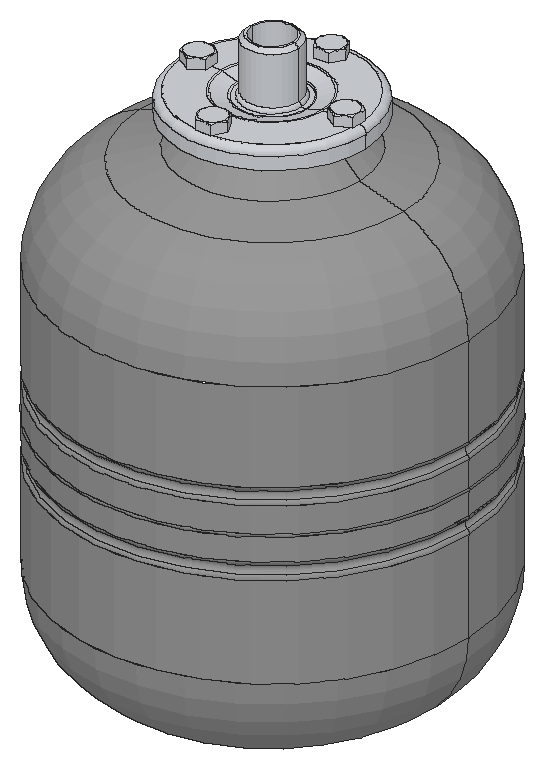
Revit family "WAV 8", category Оборудование, Revit 2014
Parameters
  Описание = "Мембранный бак для водоснабжения V=8л, Py=10бар, 3/4\""
  Материал крышки = Черная резина
  Материал = Синяя краска
  Масса кг = "1.55"
  Крышка [instance] = yes
  Комментарии к типоразмеру = "WAV 8"
  Изготовитель = "WESTER"  # constant formula
  URL = "http://www.wester.su/"
Reference planes
  plane 1 "По центру (Вперед/Назад)": y = 0
  plane 2: z = 0
  plane 3 "По центру (Влево/Вправо)": x = 0
  plane 4: z = 161.5
Forms (mm)
  Revolve 1, solid, material "Синяя краска" <- "Материал"
    sketch origin (-161.5, 0, 141.055) x (0, 0, -1) y (1, 0, 0)
      loop
        line (76.813, 261.5) -> (29.754, 261.5)
        arc (29.754, 261.5) -> (28.584, 261.203) -> (27.684, 260.4) r 2.535
        arc (27.684, 260.4) -> (25.587, 259.296) -> (23.49, 260.4) r 2.544
        arc (23.49, 260.4) -> (22.59, 261.203) -> (21.421, 261.5) r 2.535
        line (21.421, 261.5) -> (9.956, 261.5)
        arc (9.956, 261.5) -> (9.264, 261.702) -> (8.572, 261.5) r 1.285
        line (8.572, 261.5) -> (-4.277, 261.5)
        arc (-4.277, 261.5) -> (-5.446, 261.203) -> (-6.346, 260.4) r 2.535
        arc (-6.346, 260.4) -> (-8.443, 259.296) -> (-10.54, 260.4) r 2.544
        arc (-10.54, 260.4) -> (-11.44, 261.203) -> (-12.61, 261.5) r 2.535
        line (-12.61, 261.5) -> (-58.408, 261.5)
        arc (-58.408, 261.5) -> (-87.24, 252.323) -> (-105.464, 228.17) r 49.882
        arc (-105.464, 228.17) -> (-109.012, 217.207) -> (-112.001, 206.078) r 227.981
        line (-112.001, 206.078) -> (-127.507, 190.572) -> (-127.507, 161.5) -> (124.057, 161.5) -> (124.057, 168.355)
        arc (124.057, 168.355) -> (124.128, 168.929) -> (124.385, 169.448) r 1.727
        line (124.385, 169.448) -> (133.11, 181.457)
        arc (133.11, 181.457) -> (133.877, 183.027) -> (134.063, 184.765) r 5.05
        arc (134.063, 184.765) -> (130.277, 206.679) -> (124.073, 228.034) r 199.361
        arc (124.073, 228.034) -> (105.768, 252.286) -> (76.813, 261.5) r 50.104
      axis (-127.507, 161.5) -> (134.063, 161.5)
    angle from 0 to 360
  Revolve 2, solid
    sketch origin (0, 0, 0) x (1, 0, 0) y (0, 0, 1)
      loop
        line (0, 268.559) -> (47.492, 268.559) -> (47.492, 274.974)
        arc (47.492, 274.974) -> (46.496, 277.464) -> (44.023, 278.5) r 3.47
        line (44.023, 278.5) -> (26.157, 278.5)
        arc (26.157, 278.5) -> (25.726, 278.448) -> (25.304, 278.35) r 3.918
        line (25.304, 278.35) -> (17.835, 276.159)
        arc (17.835, 276.159) -> (17.456, 276.04) -> (17.06, 276) r 1.968
        line (17.06, 276) -> (14.531, 276)
        arc (14.531, 276) -> (14.187, 277.207) -> (13.224, 278.012) r 2.132
        line (13.224, 278.012) -> (13.224, 302.006) -> (11.23, 304) -> (10.273, 304) -> (10.273, 278.5) -> (0, 278.5) -> (0, 268.559)
      axis (0, 304) -> (0, 268.559)
    angle from 0 to 360
  Revolve 3, solid
    sketch origin (0, 0, 0) x (1, 0, 0) y (0, 0, 1)
      loop
        line (3.985, 0.986) -> (3.985, 12.498) -> (6.063, 12.498) -> (6.063, 16.998) -> (0, 16.998) -> (0, -0.002) -> (2.997, -0.002) -> (3.985, 0.986)
      axis (0, 16.998) -> (0, -0.002)
    angle from 0 to 360
  Revolve 4, solid, material "Черная резина" <- "Материал крышки", visible <- "Крышка"
    sketch origin (0, 0, 0) x (1, 0, 0) y (0, 0, 1)
      loop
        line (0, -1.198) -> (0, 16.998) -> (-6.855, 16.998) -> (-21.971, 6.413) -> (-14.359, -1.198) -> (0, -1.198)
      axis (0, 16.998) -> (0, -1.198)
    angle from 0 to 360
Dimensions and locks
  aligned and locked: level to plane 2
Nested families
  nested 1: "Болт" at (-37.508, 0, 278.5) x (0, -1, 0) z (0, 0, 1), type "Болт"
  nested 2: "Болт" at (0, -37.5, 278.5) x (-1, 0, 0) z (0, 0, 1), type "Болт"
  nested 3: "Болт" at (0, 37.5, 278.5) x (-1, 0, 0) z (0, 0, 1), type "Болт"
  nested 4: "Болт" at (37.492, 0, 278.5) x (0, -1, 0) z (0, 0, 1), type "Болт"
Connectors
  piping at (0, 0, 304), diameter 20
    settings: on Revolve 2, index 1, connector inside diameter 609.6 mm, connector length 0 mm, flow factor 0, pipe flow 0.0 L/s, pressure drop 0.0 Pa, fitting loss kfactor 0, connector angle 0.00°, fixture units 0, engagement length 0 mm, angle of deflection 0.00°, flow configuration 1, flow direction 0, fitting loss method 0, system type 29, joint type 0, gender type 0, connector reference index -1, connector utility 0, adjustable connector no, is connector primary yes, connector description ""
Definition of nested family "Болт"
  Parameters (values of type "Болт")
    Default Elevation = 1219.2 mm
  Reference planes
    plane 1 "По центру (Вперед/Назад)": y = 0
    plane 2: z = 0
    plane 3 "По центру (Влево/Вправо)": x = 0
  Forms (mm)
    Extrusion 1, solid
      sketch origin (0, 0, 0) x (1, 0, 0) y (0, 1, 0)
        loop
          line (-1219.2, 1219.2) -> (-1219.2, -1219.2) -> (1219.2, -1219.2) -> (1219.2, 1219.2) -> (-1219.2, 1219.2)
      from 0 to -304.8
    Extrusion 2, solid, detail levels medium+fine
      sketch origin (0, 0, 0) x (0, 1, 0) y (-1, 0, 0)
        loop
          line (-6.5, -3.753) -> (0, -7.506) -> (6.5, -3.753) -> (6.5, 3.753) -> (0, 7.506) -> (-6.5, 3.753) -> (-6.5, -3.753)
      from 0 to 5.3
    Extrusion 3, solid, detail levels medium+fine
      sketch origin (0, 0, 0) x (1, 0, 0) y (0, 1, 0)
        loop
          circle (0, 0) r 4
      from -14 to 0
    Revolve 4, void
      sketch origin (0, 0, 0) x (1, 0, 0) y (0, 0, 1)
        loop
          line (-7.506, 4.447) -> (-6.413, 5.3) -> (-7.506, 5.3) -> (-7.506, 4.447)
        axis (0, 5.3) -> (0, 4.3)
      angle from 0 to 360
    Revolve 5, void
      sketch origin (0, 0, 0) x (1, 0, 0) y (0, 0, 1)
        loop
          line (-4, -14) -> (-2.365, -14) -> (-4, -12.365) -> (-4, -14)
        axis (0, -12.365) -> (0, -14)
      angle from 0 to 360
  Cuts and joins
    Revolve 4 cuts Extrusion 2
    Revolve 5 cuts Extrusion 3
    joined: Extrusion 2, Extrusion 3
  Dimensions and locks
    aligned and locked: plane 2 to Extrusion 1
    aligned and locked: level to Extrusion 1
    aligned and locked: Revolve 4 sketch curve to plane 3 "По центру (Влево/Вправо)"
    aligned and locked: cut or joined group of Extrusion 2, Extrusion 3, Revolve 4, Revolve 5 to Revolve 4 sketch curve
